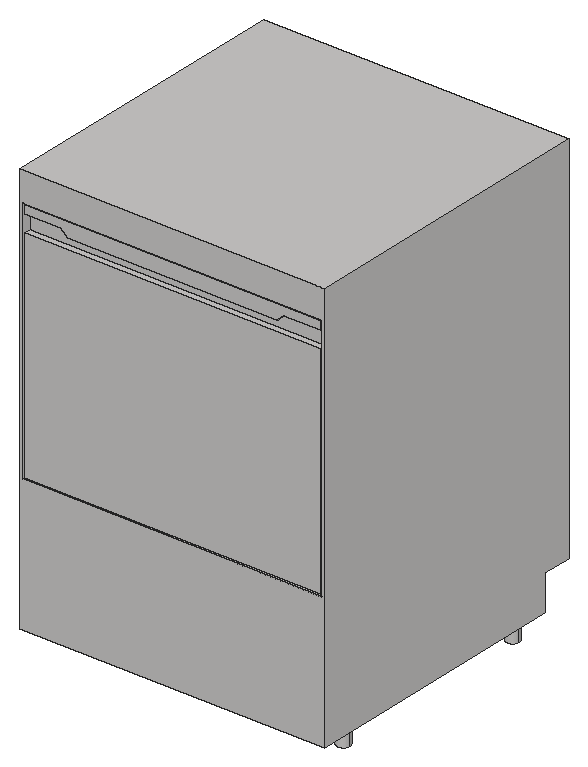
Revit family "QF_ELECTROLUXPROFESSIONAL_520485_EUC40GTL", category Specialty Equipment, Revit 2018
Family settings
  Round Connector Dimension = Use Diameter
  Part Type = Normal
  Work Plane-Based = No
  Always vertical = Yes
  Cut with Voids When Loaded = No
  Shared = No
  Room Calculation Point = No
Parameters (values of type "Standard")
  Weight = 60.00 kg
  Watts = 0 W
  Volts = 400 V
  URL Manufacturer = "http://professional.electrolux.com"
  URL = "http://professional.electrolux.com"
  Steam Supply Size = 0 mm
  Steam Supply Minimum Pressure = 0.0 Pa
  Steam Supply Maximum Pressure = 0.0 Pa
  Steam Pounds per Hour = 0
  Show Logo [instance] = yes
  Show Clearance [instance] = yes
  Refrigeration Suction Line Size = 0 mm
  Refrigeration Liquid Line Size = 0 mm
  Refrigerant Compressor Remote = yes
  Manufacturer = "Electrolux Professional"
  Phase = 3
  Model = "EUC40GTL"
  Length Actual = 600 mm  # constant formula
  Item Number = "520485"
  Hot Water Size = 19.05 mm
  Height Actual = 840 mm  # constant formula
  HP = "9.5 HP"
  Gas Size = 0 mm
  Gas KW = 0
  Gas Input Pressure = 0 W
  Direct Waste Size = 22 mm
  Description = "UNDERCOUNTER DW+DOUBLE S+DRAIN P+DET DISP,THERMAL LABEL,40R/H,400V"
  Depth Actual = 600 mm  # constant formula
  Cycle = 50 Hz
  Condensate Return Size = 0 mm
  Compressed Air Volume = 0.0 L/s
  Compressed Air Size = 0 mm
  Compressed Air Pressure = 0.0 Pa
  Cold Water Size = 0 mm
  Accessory = yes
Types (2, lengths in mm): name | URL | Manufacturer | Phase | Model | Hot Water Size | Description
  (no name) | "http://professional.electrolux.com/" | 0 | 0 | 0 | 0 | 0
  Standard | "http://professional.electrolux.com" | "Electrolux Professional" | 3 | "EUC40GTL" | 19.05 | "UNDERCOUNTER DW+DOUBLE S+DRAIN P+DET DISP,THERMAL LABEL,40R/H,400V"
Values of the unnamed type that differ from the named types
  Volts = 0 V
  URL Manufacturer = ""
  Item Number = ""
  Cycle = 0 Hz
Reference planes
  plane 1 "Center (Front/Back)": y = 0
  plane 2: z = 0
  plane 3 "Center (Left/Right)": x = 0
  plane 4 "LEFT": x = -300
  plane 5 "RIGHT": x = 300
  plane 6 "FRONT": y = -300
  plane 7 "BACK": y = 300
  plane 8: x = -202.5
  plane 9: x = 202.5
  plane 10: z = 840
  plane 11: z = 30
Forms (mm)
  Extrusion 1, solid, material "QF_Finishes_Stainless Steel"
    sketch origin (0, 0, 0) x (1, 0, 0) y (0, 1, 0)
      loop
        line (-300, -300) -> (300, -300) -> (300, 242) -> (-300, 242) -> (-300, -300)
    from 30 to 840
  Extrusion 2, solid, material "QF_Finishes_Stainless Steel"
    sketch origin (0, 0, 0) x (1, 0, 0) y (0, 1, 0)
      loop
        line (-300, 242) -> (300, 242) -> (300, 300) -> (-300, 300) -> (-300, 242)
    from 100 to 840
  Extrusion 3, solid, material "QF_Finishes_Stainless Steel"
    sketch origin (0, 17.5, 0) x (1, 0, 0) y (0, 1, 0)
      loop
        circle (-280.5, 169.5) r 12.5
      loop
        circle (280.5, 169.5) r 12.5
      loop
        circle (-280.5, -247.5) r 12.5
      loop
        circle (280.5, -247.5) r 12.5
    from 0 to 30
  Extrusion 4, void
    sketch origin (-300, -300, 0) x (-1, 0, 0) y (0, 0, 1)
      loop
        line (-5, 783.217) -> (-595, 783.217) -> (-595, 295) -> (-5, 295) -> (-5, 783.217)
    from 0 to 30
  Extrusion 5, solid, material "QF_Finishes_Stainless Steel"
    sketch origin (-338, -392, 768) x (0, 0, -1) y (1, 0, 0)
      loop
        circle (693, 143) r 10
    from -634 to -692
  Extrusion 6, solid, material "QF_Door-Drawer Clearances", visible <- "Show Clearance", detail levels coarse
    sketch origin (-230, -282.5, 0) x (0, 1, 0) y (0, 0, -1)
      loop
        line (-17.5, -298.306) -> (-349.5, -298.306)
        arc (-349.5, -298.306) -> (-261.994, -593.254) -> (-17.5, -780) r 496.43
        line (-17.5, -780) -> (-17.5, -298.306)
    from 61.197 to -521.306
  Extrusion 7, solid, material "QF_Finishes_Stainless Steel"
    sketch origin (-257.481, -392, 738) x (0, 0, -1) y (1, 0, 0)
      loop
        circle (663, 252.481) r 8
    from -634 to -692
  Extrusion 8, solid, material "QF_Finishes_Stainless Steel"
    sketch origin (-230, -282.5, 0) x (0, 1, 0) y (0, 0, -1)
      loop
        line (-17.5, -298.306) -> (-17.5, -730) -> (-2.5, -730) -> (-2.5, -780) -> (7.5, -780) -> (7.5, -298.306) -> (-17.5, -298.306)
    from 61.197 to -521.306
  Extrusion 9, solid, material "QF_Finishes_Stainless Steel"
    sketch origin (-230, -282.5, 0) x (0, 1, 0) y (0, 0, -1)
      loop
        line (-2.5, -780) -> (-2.5, -777.514) -> (-15, -777.514) -> (-15, -751.25) -> (-17.5, -751.25) -> (-17.5, -780) -> (-2.5, -780)
    from 61.197 to -521.306
  Extrusion 10, void
    sketch origin (-230, -300, 780) x (0, 0, 1) y (1, 0, 0)
      loop
        line (-15.552, -61.197) -> (-15.552, 10.409) -> (-28.75, 23.607) -> (-28.75, -61.197) -> (-15.552, -61.197)
      loop
        line (-15.552, 521.306) -> (-28.75, 521.306) -> (-28.75, 436.502) -> (-15.552, 449.7) -> (-15.552, 521.306)
    from 0 to 2.5
  Extrusion 11, solid, material "QF_Finishes_Stainless Steel"
    sketch origin (-247, 934.79, 763.79) x (0, -1, 0) y (1, 0, 0)
      loop
        circle (663, 158) r 8
    from -663.79 to -673.79
Cuts and joins
  Extrusion 4 cuts Extrusion 1
  joined: Extrusion 1, Extrusion 2
  Extrusion 10 cuts Extrusion 8
  Extrusion 10 cuts Extrusion 9
Lines and regions (mm)
  Split face 1
    outline origin (-300, -300, 840) x (0, 0, -1) y (1, 0, 0)
      loop
        line (56.783, 5) -> (42.5, 5) -> (42.5, 67.5) -> (49.142, 74.142) -> (49.142, 525.858) -> (42.5, 532.5) -> (42.5, 595) -> (56.783, 595)
  Split face 2
    outline origin (-300, -300, 840) x (0, 0, -1) y (1, 0, 0)
      loop
        line (42.5, 5) -> (5, 5) -> (5, 595) -> (42.5, 595)
  Split face 3
    outline origin (-300, -300, 840) x (0, 0, -1) y (1, 0, 0)
      loop
        line (27.829, 193.044) -> (39.683, 193.044) -> (39.683, 218.044) -> (27.829, 218.044) -> (27.829, 193.044)
  Split face 4
    outline origin (-300, -300, 840) x (0, 0, -1) y (1, 0, 0)
      loop
        line (14.043, 193.044) -> (25.897, 193.044) -> (25.897, 218.044) -> (14.043, 218.044) -> (14.043, 193.044)
  symbolic lines
    curve 1: line (-300, 300, 0) -> (300, 300, 0)
    curve 2: line (-300, -300, 0) -> (-300, 300, 0)
    curve 3: line (300, -300, 0) -> (-300, -300, 0)
    curve 4: line (300, 300, 0) -> (300, -300, 0)
  symbolic lines, style "QF_Door-Drawer Clearances"
    curve 5: line (-291.197, -632, 0) -> (291.306, -632, 0)
    curve 6: line (291.306, -632, 0) -> (291.306, -300, 0)
    curve 7: line (-291.197, -632, 0) -> (-291.197, -300, 0)
  symbolic lines, style "SpecialityEquipmentHiddenLines"
    curve 8: line (-300, 242, 0) -> (300, 242, 0)
Dimensions and locks
  equal spacing: plane 4 "LEFT", plane 3 "Center (Left/Right)", plane 5 "RIGHT"
  equal spacing: plane 7 "BACK", plane 1 "Center (Front/Back)", plane 6 "FRONT"
  plane 7 "BACK" to plane 6 "FRONT" = 600 mm
  plane 4 "LEFT" to plane 5 "RIGHT" = 600 mm
  plane 4 "LEFT" to plane 8 = 97.5 mm
  plane 9 to plane 5 "RIGHT" = 97.5 mm
  locked: plane 11 to level at 30
  plane 4 "LEFT" to plane 3 "Center (Left/Right)" = 300 mm
  plane 10 to level = 840 mm  (x2)
  plane 8 to plane 9 = 405 mm
  Extrusion 11 sketch curve to plane 4 "LEFT" = 211 mm
  level to Extrusion 5 sketch curve = 75 mm
  Extrusion 5 sketch curve to plane 4 "LEFT" = 105 mm
  Extrusion 7 sketch curve to plane 4 "LEFT" = 295 mm
  level to Extrusion 7 sketch curve = 75 mm
  Extrusion 3 to cut or joined group of Extrusion 1, Extrusion 2, Extrusion 4 = 113 mm
  Extrusion 3 to Extrusion 3 = 417 mm
  plane 6 "FRONT" to Extrusion 3 = 70 mm
  plane 9 to plane 8 = 405 mm
  plane 7 "BACK" to curve 5 = 932 mm
  cut or joined group of Extrusion 8, Extrusion 10 to cut or joined group of Extrusion 1, Extrusion 2, Extrusion 4 = 435 mm
  aligned and locked: level to plane 2
  aligned and locked: Extrusion 1 sketch curve to plane 6 "FRONT"
  aligned and locked: Extrusion 1 sketch curve to plane 4 "LEFT"
  aligned and locked: plane 5 "RIGHT" to Extrusion 1 sketch curve
  aligned and locked: Extrusion 1 to plane 11
  aligned and locked: Extrusion 2 sketch curve to Extrusion 1  (x2)
  aligned and locked: plane 5 "RIGHT" to Extrusion 2 sketch curve
  aligned and locked: plane 11 to Extrusion 3
  aligned and locked: cut or joined group of Extrusion 9, Extrusion 10 to Extrusion 10
  aligned and locked: plane 7 "BACK" to Extrusion 2
Automatic sketch dimensions
  Extrusion 1 sketch curve to plane 7 "BACK" = 58 mm
  Extrusion 3 sketch curve to plane 8 = 78 mm  (x2)
  plane 9 to Extrusion 3 sketch curve = 78 mm  (x2)
  plane 6 "FRONT" to Extrusion 3 sketch curve = 70 mm  (x2)
  Extrusion 3 sketch curve to plane 7 "BACK" = 113 mm  (x2)
  Extrusion 4 sketch curve to Extrusion 1 = 5 mm  (x2)
  Extrusion 4 sketch curve to Extrusion 1 = 265 mm
  Extrusion 4 sketch curve to Extrusion 1 = 56.783 mm
  Extrusion 8 sketch curve to plane 6 "FRONT" = 0 mm
  plane 6 "FRONT" to Extrusion 8 sketch curve = 15 mm
  Extrusion 8 sketch curve to Extrusion 8 sketch curve = 25 mm
  Extrusion 8 sketch curve to plane 10 = 60 mm
  Extrusion 8 sketch curve to Extrusion 8 sketch curve = 50 mm
  Extrusion 8 sketch curve to Extrusion 8 sketch curve = 431.694 mm
  Extrusion 9 sketch curve to plane 6 "FRONT" = 0 mm
  Extrusion 9 sketch curve to Extrusion 9 sketch curve = 2.5 mm
  Extrusion 9 sketch curve to Extrusion 9 sketch curve = 12.5 mm
  Extrusion 9 sketch curve to plane 10 = 60 mm
  Extrusion 9 sketch curve to Extrusion 9 sketch curve = 2.486 mm
  Extrusion 9 sketch curve to Extrusion 9 sketch curve = 26.264 mm
  Extrusion 10 sketch curve to Extrusion 9 = 0 mm  (x3)
  Extrusion 9 to Extrusion 10 sketch curve = 0 mm
  Extrusion 10 sketch curve to Extrusion 9 = 13.198 mm  (x2)
  Extrusion 10 sketch curve to Extrusion 9 = 71.607 mm
  Extrusion 10 sketch curve to Extrusion 10 sketch curve = 13.198 mm  (x2)
  Extrusion 10 sketch curve to Extrusion 9 = 84.804 mm
  Split face 1 sketch curve to cut or joined group of Extrusion 1, Extrusion 2, Extrusion 4 = 0 mm  (x4)
  cut or joined group of Extrusion 1, Extrusion 2, Extrusion 4 to Split face 1 sketch curve = 7.641 mm
  Split face 1 sketch curve to Split face 1 sketch curve = 6.642 mm  (x4)
  Split face 1 sketch curve to Split face 1 sketch curve = 62.5 mm
  Split face 1 sketch curve to cut or joined group of Extrusion 1, Extrusion 2, Extrusion 4 = 69.142 mm
  Split face 2 sketch curve to cut or joined group of Extrusion 1, Extrusion 2, Extrusion 4 = 0 mm  (x2)
  Split face 2 sketch curve to cut or joined group of Extrusion 1, Extrusion 2, Extrusion 4 = 5 mm
  cut or joined group of Extrusion 1, Extrusion 2, Extrusion 4 to Split face 2 sketch curve = 14.283 mm  (x2)
  Extrusion 2 sketch curve to Extrusion 2 sketch curve = 58 mm
  curve 8 to plane 4 "LEFT" = 0 mm
  curve 7 to plane 6 "FRONT" = 0 mm
  curve 4 to plane 5 "RIGHT" = 0 mm
  curve 2 to plane 7 "BACK" = 0 mm
  plane 4 "LEFT" to curve 7 = 8.803 mm
  curve 5 to plane 5 "RIGHT" = 8.694 mm
  curve 8 to plane 7 "BACK" = 58 mm
  Split face 3 sketch curve to cut or joined group of Extrusion 1, Extrusion 2, Extrusion 4 = 27.829 mm
  Split face 3 sketch curve to Split face 3 sketch curve = 11.854 mm
  Split face 3 sketch curve to cut or joined group of Extrusion 1, Extrusion 2, Extrusion 4 = 188.044 mm
  Split face 3 sketch curve to Split face 3 sketch curve = 25 mm
  Split face 4 sketch curve to cut or joined group of Extrusion 1, Extrusion 2, Extrusion 4 = 14.043 mm
  Split face 4 sketch curve to Split face 4 sketch curve = 11.854 mm
  Split face 4 sketch curve to cut or joined group of Extrusion 1, Extrusion 2, Extrusion 4 = 188.044 mm
  Split face 4 sketch curve to Split face 4 sketch curve = 25 mm
  Extrusion 11 sketch curve to plane 7 "BACK" = 28.21 mm
  Extrusion 6 sketch curve to plane 6 "FRONT" = 0 mm
  plane 1 "Center (Front/Back)" to Extrusion 6 sketch curve = 135.747 mm
  plane 11 to Extrusion 6 sketch curve = 281.531 mm
  Extrusion 6 sketch curve to Extrusion 6 sketch curve = 13.225 mm
  Extrusion 6 sketch curve to plane 6 "FRONT" = 332 mm
  radius of Extrusion 5 sketch curve = 10 mm
  radius of Extrusion 7 sketch curve = 8 mm
  radius of Extrusion 11 sketch curve = 8 mm
  radius of Extrusion 3 sketch curve = 12.5 mm  (x4)
Connectors
  piping at (-195, 300, 75), diameter 20
    settings: on Extrusion 5, index 1, connector inside diameter 609.6 mm, connector length 0 mm, flow factor 0, pipe flow 0.0 L/s, pressure drop 0.0 Pa, fitting loss kfactor 0, connector angle 0.00°, fixture units 0, engagement length 0 mm, angle of deflection 0.00°, flow configuration 1, flow direction 1, fitting loss method 0, system type 16, joint type 0, gender type 0, connector reference index -1, connector utility 0, adjustable connector no, is connector primary yes, connector description "Drain"
  piping at (-5, 300, 75), diameter 16
    settings: on Extrusion 7, index 3, connector inside diameter 609.6 mm, connector length 0 mm, flow factor 0, pipe flow 0.0 L/s, pressure drop 0.0 Pa, fitting loss kfactor 0, connector angle 0.00°, fixture units 0, engagement length 0 mm, angle of deflection 0.00°, flow configuration 1, flow direction 1, fitting loss method 0, system type 20, joint type 0, gender type 0, connector reference index -1, connector utility 0, adjustable connector no, is connector primary no, connector description "Cold Water Inlet"
  electrical at (-89, 271.79, 90), driven by "Volts"
    settings: on Extrusion 11, index 4, voltage 400 V, apparent load 0 VA, apparent load phase1 0 VA, apparent load phase2 0 VA, apparent load phase3 0 VA, power factor 1, load classification "Altro", number of poles 1, system type 31, power factor state 1, is connector primary yes, connector utility no, sub classification motor no, connector description "Electrical Connection"
